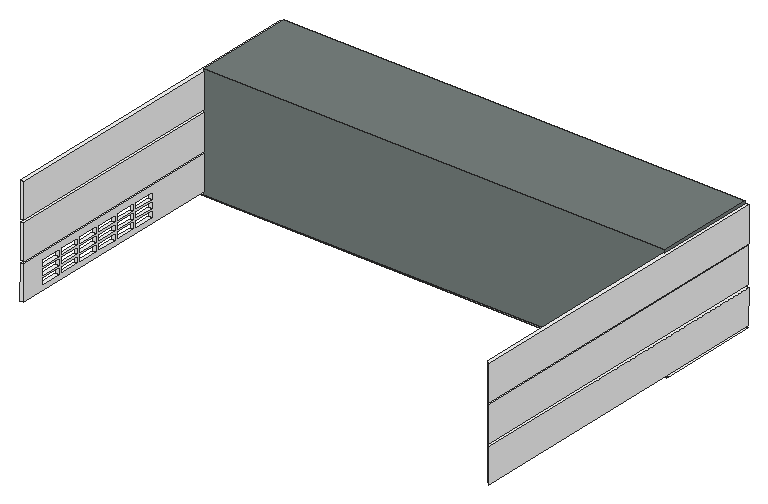
Revit family "CC 800", category Mechanical Equipment, Revit 2019
Family settings
  Round Connector Dimension = Use Diameter
  Part Type = Normal
  OmniClass Number = 23.75.00.00
  OmniClass Title = Climate Control (HVAC)
  Work Plane-Based = No
  Always vertical = Yes
  Cut with Voids When Loaded = No
  Shared = No
  Room Calculation Point = No
Parameters
  Weight (Standard Unit) = 100.7  # constant formula
  Water Heater Surface Return = 10 mm  # constant formula
  Water Heater Surface IN = 10 mm  # constant formula
  URL = "www.airmaster-as.com"
  Total Width = 1910 mm  # constant formula
  Total Hight = 474 mm  # constant formula
  Top panel R [instance] = yes
  Top Panel L [instance] = yes
  T-C Duct Supply = 250 mm  # constant formula
  T-C Duct Exhaust = 250 mm  # constant formula
  Suply Air In = 315 mm  # constant formula
  R-C Duct Supply = 222 mm  # constant formula
  Phase 1 - Max Power Consumption = "1110 W"
  Phase 1 - Max Current = "6,8 A"
  Nominal current,Cooling = "6,8 A"
  Model = "CC 800"
  Middle Panel R [instance] = yes
  Middel panel L [instance] = yes
  Max. flow rate 35 dB(A) with ePM10 80% filters = 440.00 m³  # constant formula
  Max. flow rate 35 dB(A) with ePM10 55% filters = 495.00 m³  # constant formula
  Max. flow rate 35 dB(A) with ePM10 50% filters = 550.00 m³  # constant formula
  Max. flow rate 30 dB(A) with ePM10 80% filters = 344.00 m³  # constant formula
  Max. flow rate 30 dB(A) with ePM10 55% filters = 387.00 m³  # constant formula
  Max. flow rate 30 dB(A) with ePM10 50% filters = 430.00 m³  # constant formula
  Manufacturer = "Airmaster A/S"
  Maintenance [instance] = no
  L-C Duct Exhaust = 255 mm  # constant formula
  Exhaust Air = 315 mm  # constant formula
  Total Depth = 1184 mm  # constant formula
  Electrical connection = "1 ~ 230 V / N / PE / 50 Hz"
  Ducted Panel [instance] = no
  Drawn By = "LSB"
  Condensate = 9 mm  # constant formula
  Butttom Panel L [instance] = yes
  Buttom Panel R [instance] = yes
Reference planes
  plane 1 "Center (Front/Back)": y = 0
  plane 2: z = 0
  plane 3 "Center (Left/Right)": x = 0
  plane 4 "Center L/S": y = -916
  plane 5 "Center L/T": x = -955
  plane 6 "Center L/U": x = 955
  plane 7 "TOP": z = 474
  plane 8 "Center L/V": x = -785
  plane 9 "Center L/W": y = -901
  plane 10 "Center L/X": x = 940
  plane 11 "Panel Buttom": z = 24.45
  plane 12 "Panel Top": z = 173.4
  plane 13 "Hatch": z = 14.5
  plane 14 "Center L/Z": z = 163.4
  plane 15 "Center L/AA": z = 314.4
  plane 16 "Center L/BB": z = 324.4
  plane 17 "Center L/CC": z = 465.4
Forms (mm)
  Extrusion 1, solid, material "AM White", visible <- "Buttom Panel R"
    sketch origin (794.5, -1117, 24.45) x (0, -1, 0) y (-1, 0, 0)
      loop
        line (-1524, -160.5) -> (-201, -160.5) -> (-216, -145.5) -> (-1524, -145.5) -> (-1524, -160.5)
    from 0 to -138.95
  Extrusion 2, void
    sketch origin (-940, 11, 24.45) x (0, 1, 0) y (0, 0, -1)
      loop
        line (-835.75, -115.45) -> (-745.75, -115.45) -> (-745.75, -87.45) -> (-835.75, -87.45) -> (-835.75, -115.45)
      loop
        line (-740.75, -115.45) -> (-650.75, -115.45) -> (-650.75, -87.45) -> (-740.75, -87.45) -> (-740.75, -115.45)
      loop
        line (-645.75, -115.45) -> (-555.75, -115.45) -> (-555.75, -87.45) -> (-645.75, -87.45) -> (-645.75, -115.45)
      loop
        line (-550.75, -115.45) -> (-460.75, -115.45) -> (-460.75, -87.45) -> (-550.75, -87.45) -> (-550.75, -115.45)
      loop
        line (-455.75, -115.45) -> (-365.75, -115.45) -> (-365.75, -87.45) -> (-455.75, -87.45) -> (-455.75, -115.45)
      loop
        line (-835.75, -82.45) -> (-745.75, -82.45) -> (-745.75, -54.45) -> (-835.75, -54.45) -> (-835.75, -82.45)
      loop
        line (-740.75, -82.45) -> (-650.75, -82.45) -> (-650.75, -54.45) -> (-740.75, -54.45) -> (-740.75, -82.45)
      loop
        line (-645.75, -82.45) -> (-555.75, -82.45) -> (-555.75, -54.45) -> (-645.75, -54.45) -> (-645.75, -82.45)
      loop
        line (-550.75, -82.45) -> (-460.75, -82.45) -> (-460.75, -54.45) -> (-550.75, -54.45) -> (-550.75, -82.45)
      loop
        line (-455.75, -82.45) -> (-365.75, -82.45) -> (-365.75, -54.45) -> (-455.75, -54.45) -> (-455.75, -82.45)
      loop
        line (-835.75, -49.45) -> (-745.75, -49.45) -> (-745.75, -21.45) -> (-835.75, -21.45) -> (-835.75, -49.45)
      loop
        line (-740.75, -49.45) -> (-650.75, -49.45) -> (-650.75, -21.45) -> (-740.75, -21.45) -> (-740.75, -49.45)
      loop
        line (-645.75, -49.45) -> (-555.75, -49.45) -> (-555.75, -21.45) -> (-645.75, -21.45) -> (-645.75, -49.45)
      loop
        line (-550.75, -49.45) -> (-460.75, -49.45) -> (-460.75, -21.45) -> (-550.75, -21.45) -> (-550.75, -49.45)
      loop
        line (-455.75, -49.45) -> (-365.75, -49.45) -> (-365.75, -21.45) -> (-455.75, -21.45) -> (-455.75, -49.45)
      loop
        line (-360.75, -115.45) -> (-270.75, -115.45) -> (-270.75, -87.45) -> (-360.75, -87.45) -> (-360.75, -115.45)
      loop
        line (-360.75, -82.45) -> (-270.75, -82.45) -> (-270.75, -54.45) -> (-360.75, -54.45) -> (-360.75, -82.45)
      loop
        line (-360.75, -49.45) -> (-270.75, -49.45) -> (-270.75, -21.45) -> (-360.75, -21.45) -> (-360.75, -49.45)
    from 0 to 15
  Extrusion 3, solid, material "AM Grey"
    sketch origin (785, 814, 0) x (0, -1, 0) y (0, 0, -1)
      loop
        circle (455.75, -36.414) r 8
    from 0 to 15
  Extrusion 4, solid, material "AM Grey"
    sketch origin (785, 814, 0) x (0, -1, 0) y (0, 0, -1)
      loop
        circle (455.75, -60.414) r 5.5
    from 0 to 15
  Extrusion 5, solid, material "AM Grey"
    sketch origin (-785, 407, 0) x (1, 0, 0) y (0, 0, -1)
      loop
        circle (1518, -224) r 157.5
    from 0 to 18.45
  Extrusion 6, solid, material "AM Grey"
    sketch origin (-785, 407, 0) x (1, 0, 0) y (0, 0, -1)
      loop
        circle (85, -224) r 157.5
    from 0 to 18.45
  Extrusion 7, solid, material "AM White", visible <- "Middle Panel R"
    sketch origin (794.5, -1117, 163.4) x (0, -1, 0) y (-1, 0, 0)
      loop
        line (-1524, -160.5) -> (-201, -160.5) -> (-216, -145.5) -> (-1524, -145.5) -> (-1524, -160.5)
    from -10 to -151
  Extrusion 8, solid, material "AM White", visible <- "Top panel R"
    sketch origin (794.5, -1120.708, 324.4) x (0, -1, 0) y (-1, 0, 0)
      loop
        line (-1527.708, -160.5) -> (-204.708, -160.5) -> (-219.708, -145.5) -> (-1527.708, -145.5) -> (-1527.708, -160.5)
    from 0 to -141
  Blend 9, solid, material "AM White"
    base sketch origin (-790.646, -303, 14.5) x (0, -1, 0) y (1, 0, 0)
      loop
        line (-303, -164.354) -> (-303, 1745.646) -> (-710, 1745.646) -> (-710, -164.354) -> (-303, -164.354)
    top sketch origin (-790.646, -303, 14.5) x (0, -1, 0) y (1, 0, 0)
      loop
        line (-318, -149.354) -> (-318, 1727.646) -> (-695, 1727.646) -> (-695, -149.354) -> (-318, -149.354)
    from 0 to -14.5
  Extrusion 10, solid, material "AM Grey"
    sketch origin (-790.646, -1524, 0) x (0, -1, 0) y (1, 0, 0)
      loop
        line (-1931, -149.354) -> (-1524, -149.354) -> (-1524, 1730.646) -> (-1931, 1730.646) -> (-1931, -149.354)
    from 14.5 to 474
  Extrusion 11, solid, material "Maintenece", visible <- "Maintenance"
    sketch origin (0, 0, 0) x (1, 0, 0) y (0, 1, 0)
      loop
        line (-955, 407) -> (-955, 0) -> (955, 0) -> (955, 407) -> (-955, 407)
    from 0 to -1200
  Extrusion 12, solid, material "AM White", visible <- "Ducted Panel"
    sketch origin (794.5, -1117, 163.4) x (0, -1, 0) y (-1, 0, 0)
      loop
        line (-1524, -160.5) -> (-201, -160.5) -> (-216, -145.5) -> (-1524, -145.5) -> (-1524, -160.5)
    from 138.95 to -302
  Extrusion 13, solid, material "AM White", visible <- "Middel panel L"
    sketch origin (794.5, -1117, 163.4) x (0, -1, 0) y (-1, 0, 0)
      loop
        line (-1524, 1749.5) -> (-1524, 1734.5) -> (-202.324, 1734.5) -> (-201, 1749.5) -> (-1524, 1749.5)
    from -10 to -151
  Extrusion 14, solid, material "AM White", visible <- "Butttom Panel L"
    sketch origin (794.5, -1117, 24.45) x (0, -1, 0) y (-1, 0, 0)
      loop
        line (-1524, 1749.5) -> (-1524, 1734.5) -> (-202.324, 1734.5) -> (-201, 1749.5) -> (-1524, 1749.5)
    from 0 to -138.95
  Extrusion 15, solid, material "AM White", visible <- "Top Panel L"
    sketch origin (794.5, -1117, 302.35) x (0, -1, 0) y (-1, 0, 0)
      loop
        line (-1524, 1749.5) -> (-1524, 1734.5) -> (-202.324, 1734.5) -> (-201, 1749.5) -> (-1524, 1749.5)
    from -22.05 to -163.05
Cuts and joins
  Extrusion 2 cuts Extrusion 1
  Extrusion 2 cuts Extrusion 14
Dimensions and locks
  equal spacing: plane 5 "Center L/T", plane 3 "Center (Left/Right)", plane 6 "Center L/U"
  "Total Width": plane 5 "Center L/T" to plane 6 "Center L/U"
  "Total Hight": plane 7 "TOP" to level
  locked: plane 10 "Center L/X" to plane 6 "Center L/U" at 15
  plane 4 "Center L/S" to plane 9 "Center L/W" = 15 mm
  plane 5 "Center L/T" to plane 8 "Center L/V" = 170 mm
  "R-C Duct Supply": plane 6 "Center L/U" to Extrusion 5 sketch curve
  "T-C Duct Exhaust": Extrusion 6 sketch curve to plane 7 "TOP"
  "L-C Duct Exhaust": Extrusion 6 sketch curve to plane 5 "Center L/T"
  plane 5 "Center L/T" to Extrusion 10 sketch curve = 15 mm
  Extrusion 10 to plane 4 "Center L/S" = 1323 mm
  "T-C Duct Supply": Extrusion 5 sketch curve to plane 7 "TOP"
  plane 7 "TOP" to level = 474 mm
  plane 12 "Panel Top" to plane 16 "Center L/BB" = 151 mm
  cut or joined group of Extrusion 2, Extrusion 14 to plane 4 "Center L/S" = 91.25 mm
  "Suply Air In": diameter of Extrusion 5 sketch curve
  "Exhaust Air": diameter of Extrusion 6 sketch curve
  aligned and locked: level to plane 2
  aligned and locked: plane 6 "Center L/U" to Extrusion 1 sketch curve
  aligned and locked: Extrusion 7 to plane 15 "Center L/AA"
  aligned and locked: Extrusion 8 to plane 17 "Center L/CC"
  aligned and locked: plane 7 "TOP" to Extrusion 10
  aligned and locked: Extrusion 1 to plane 14 "Center L/Z"
  aligned and locked: plane 16 "Center L/BB" to Extrusion 15
  aligned and locked: Extrusion 15 to plane 17 "Center L/CC"
  aligned and locked: plane 12 "Panel Top" to Extrusion 13
  aligned and locked: Extrusion 13 to plane 15 "Center L/AA"
  aligned and locked: Extrusion 14 to cut or joined group of Extrusion 1, Extrusion 2
  aligned and locked: Extrusion 12 to Extrusion 8
  aligned and locked: plane 12 "Panel Top" to Extrusion 7
Automatic sketch dimensions
  Extrusion 1 sketch curve to plane 10 "Center L/X" = 0 mm
  plane 9 "Center L/W" to Extrusion 1 sketch curve = 0 mm
  plane 4 "Center L/S" to Extrusion 1 sketch curve = 0 mm
  Extrusion 1 sketch curve to plane 1 "Center (Front/Back)" = 407 mm
  Extrusion 3 sketch curve to plane 11 "Panel Buttom" = 11.964 mm
  Extrusion 3 sketch curve to plane 1 "Center (Front/Back)" = 358.25 mm
  Extrusion 4 sketch curve to plane 11 "Panel Buttom" = 35.964 mm
  Extrusion 4 sketch curve to plane 1 "Center (Front/Back)" = 358.25 mm
  Extrusion 7 sketch curve to plane 6 "Center L/U" = 0 mm
  Extrusion 7 sketch curve to plane 10 "Center L/X" = 0 mm
  plane 9 "Center L/W" to Extrusion 7 sketch curve = 0 mm
  plane 4 "Center L/S" to Extrusion 7 sketch curve = 0 mm
  Extrusion 7 sketch curve to plane 1 "Center (Front/Back)" = 407 mm
  Extrusion 8 sketch curve to plane 6 "Center L/U" = 0 mm
  Extrusion 8 sketch curve to plane 10 "Center L/X" = 0 mm
  plane 9 "Center L/W" to Extrusion 8 sketch curve = 0 mm
  plane 4 "Center L/S" to Extrusion 8 sketch curve = 0 mm
  Extrusion 8 sketch curve to plane 1 "Center (Front/Back)" = 407 mm
  Blend 9 sketch curve to plane 5 "Center L/T" = 0 mm
  Blend 9 sketch curve to plane 6 "Center L/U" = 0 mm
  plane 1 "Center (Front/Back)" to Blend 9 sketch curve = 0 mm
  Blend 9 sketch curve to plane 1 "Center (Front/Back)" = 407 mm
  Blend 9 sketch curve to plane 8 "Center L/V" = 155 mm
  Blend 9 sketch curve to plane 1 "Center (Front/Back)" = 392 mm
  Blend 9 sketch curve to plane 1 "Center (Front/Back)" = 15 mm
  Blend 9 sketch curve to plane 10 "Center L/X" = 3 mm
  Extrusion 10 sketch curve to plane 10 "Center L/X" = 0 mm
  plane 1 "Center (Front/Back)" to Extrusion 10 sketch curve = 0 mm
  Extrusion 10 sketch curve to plane 1 "Center (Front/Back)" = 407 mm
  plane 1 "Center (Front/Back)" to Extrusion 11 sketch curve = 0 mm
  Extrusion 11 sketch curve to plane 5 "Center L/T" = 0 mm
  Extrusion 11 sketch curve to plane 6 "Center L/U" = 0 mm
  Extrusion 11 sketch curve to plane 1 "Center (Front/Back)" = 407 mm
  Extrusion 12 sketch curve to plane 10 "Center L/X" = 0 mm
  Extrusion 12 sketch curve to plane 6 "Center L/U" = 0 mm
  plane 9 "Center L/W" to Extrusion 12 sketch curve = 0 mm
  plane 4 "Center L/S" to Extrusion 12 sketch curve = 0 mm
  Extrusion 12 sketch curve to plane 1 "Center (Front/Back)" = 407 mm
  Extrusion 13 sketch curve to plane 5 "Center L/T" = 0 mm
  Extrusion 13 sketch curve to plane 8 "Center L/V" = 155 mm
  plane 9 "Center L/W" to Extrusion 13 sketch curve = 13.676 mm
  plane 4 "Center L/S" to Extrusion 13 sketch curve = 0 mm
  Extrusion 13 sketch curve to plane 1 "Center (Front/Back)" = 407 mm
  Extrusion 14 sketch curve to plane 5 "Center L/T" = 0 mm
  Extrusion 14 sketch curve to plane 8 "Center L/V" = 155 mm
  plane 9 "Center L/W" to Extrusion 14 sketch curve = 13.676 mm
  plane 4 "Center L/S" to Extrusion 14 sketch curve = 0 mm
  Extrusion 14 sketch curve to plane 1 "Center (Front/Back)" = 407 mm
  Extrusion 15 sketch curve to plane 5 "Center L/T" = 0 mm
  Extrusion 15 sketch curve to plane 8 "Center L/V" = 155 mm
  plane 9 "Center L/W" to Extrusion 15 sketch curve = 13.676 mm
  plane 4 "Center L/S" to Extrusion 15 sketch curve = 0 mm
  Extrusion 15 sketch curve to plane 1 "Center (Front/Back)" = 407 mm
  plane 14 "Center L/Z" to Extrusion 2 sketch curve = 23.5 mm  (x3)
  Extrusion 2 sketch curve to plane 9 "Center L/W" = 76.25 mm
  Extrusion 2 sketch curve to Extrusion 2 sketch curve = 0 mm  (x37)
  Extrusion 2 sketch curve to plane 11 "Panel Buttom" = 21.45 mm  (x2)
  Extrusion 2 sketch curve to Extrusion 2 sketch curve = 90 mm  (x6)
  Extrusion 2 sketch curve to Extrusion 2 sketch curve = 5 mm  (x20)
  Extrusion 2 sketch curve to Extrusion 2 sketch curve = 28 mm  (x3)
  radius of Extrusion 3 sketch curve = 8 mm
  radius of Extrusion 4 sketch curve = 5.5 mm
Nested families
  nested 1: "Model Label 2019" at (0, 207.014, 0), Label <- "Model", type "Model Label 2019"
    with Label "CC 800"
Connectors
  electrical at (800, 358.25, 60.414), driven by "Electrical connection"
    settings: on Extrusion 4, index 13, voltage 0 V, apparent load 0 VA, apparent load phase1 0 VA, apparent load phase2 0 VA, apparent load phase3 0 VA, power factor 0.71, load classification "Other", number of poles 1, system type 31, power factor state 1, is connector primary yes, connector utility no, sub classification motor no, connector description "1 ~ 230 V / N / PE / 50 Hz"
  piping at (800, 358.25, 36.414), diameter 9, driven by "Condensate"
    settings: on Extrusion 3, index 14, connector inside diameter 609.6 mm, connector length 0 mm, flow factor 0, pipe flow 0.0 L/s, pressure drop 0.0 Pa, fitting loss kfactor 0, connector angle 0.00°, fixture units 0, engagement length 0 mm, angle of deflection 0.00°, flow configuration 0, flow direction 2, fitting loss method 0, system type 16, joint type 0, gender type 0, connector reference index -1, connector utility 0, adjustable connector no, is connector primary yes, connector description ""
  hvac at (733, 407, 224), driven by "Exhaust Air"
    settings: on Extrusion 5, index 15, duct flow 0.0 L/s, flow factor 0, pres drop 0.0 Pa, loss coef 0, conn angle 0.00°, conn width 304.8 mm, conn height 304.8 mm, conn diameter 315 mm, duct sys type 3, conn prof type 0, flow config 0, flow direction 2, loss method 0, conn ref index -1, conn util no, is conn primary yes, conn desc ""
  hvac at (-700, 407, 224), driven by "Suply Air In"
    settings: on Extrusion 6, index 16, duct flow 0.0 L/s, flow factor 0, pres drop 0.0 Pa, loss coef 0, conn angle 0.00°, conn width 304.8 mm, conn height 304.8 mm, conn diameter 315 mm, duct sys type 1, conn prof type 0, flow config 0, flow direction 1, loss method 0, conn ref index -1, conn util no, is conn primary no, conn desc ""
Definition of nested family "Model Label 2019"
  Parameters (values of type "Model Label 2019")
    Label [instance] = ""
  Reference planes
    plane 1: y = 0
    plane 2: x = 0
  Text (mm)
    label "Label" at (-0.131, 0.049, 0), shows "Label"
